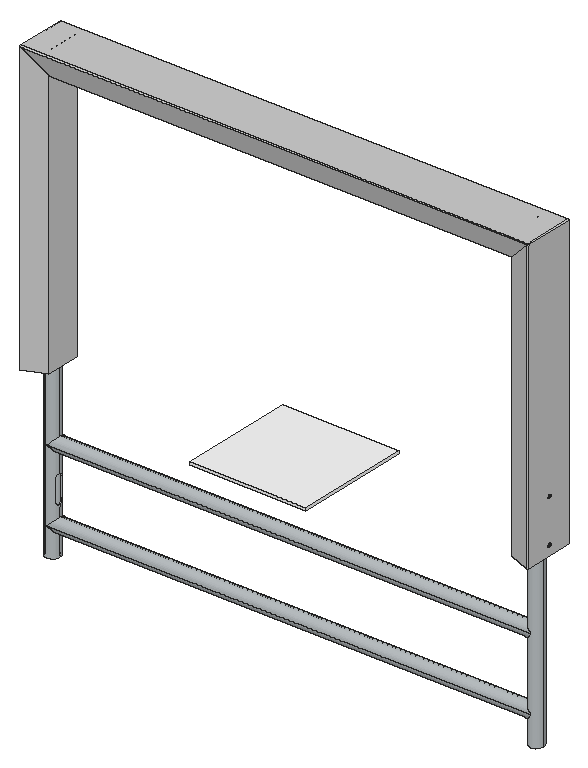
Revit family "BE_99061_de_DE", category Leuchten, Revit 2015
Parameters (values of type "BEGA_99061_Silber_K4")
  built-in parameter 1150104 = 14.673 (stored number, unit not read)
  Wattage = 50.4 W
  Default Elevation = 0 mm
  built-in parameter 1150113 = 1 (stored number, unit not read)
  built-in parameter 1114218 = 1 (stored number, unit not read)
  Umgebungstemperatur = "25 °C"
  URL = "http://www.bega.de/produkt/99061"
  Typenkommentare = "© 2016 BEGA. Wir behalten uns das Recht vor, technische Änderungen ohne vorherige Ankündigung vorzunehmen."  # constant formula
  Type Image = 99061.png
  built-in parameter 1150134 = 12
  built-in parameter 1150109 = 1 (stored number, unit not read)
  Strom = ""
  built-in parameter 1150110 = 1 (stored number, unit not read)
  Spannung = 239.996 V
  Sonderanfertigung = no
  Seriennummer [instance] = "Hier können Sie die eindeutige Seriennummer für das Facility Management eintragen."
  Schutzklasse = "I"
  Schutzart = "IP 65"
  Scheinlast = 0 VA
  Produktdatenblatt = "http://www.bega.de/download/Xrfa/db/99061.db.de.pdf"
  Oberflächentemperatur = ""
  Neigungswinkel = 0.00°
  Modell = "99061AK4"
  Material_18 = BEGA_Gummi_schwarz
  Material_17 = BEGA_Reflektor
  Material_15 = BEGA_Leuchtmedium_matt
  Material_11 = BEGA_Glas_opal
  Material_10 = BEGA_Glas_matt
  Material_09 = BEGA_Glas_klar
  Material_08 = BEGA_Oberfläche_Stahl_verzinkt
  Material_06 = BEGA_Oberfläche_Edelstahl_gebürstet
  Material_03 = BEGA_Oberfläche_Weiss_matt
  Material_02 = BEGA_Oberfläche_Silber_matt
  Material_01 [instance] = BEGA_Oberfläche_Grafit_matt
  M_W = no
  M_G = no
  M_A = yes
  Logo = 0
  built-in parameter 1114217 = 1 (stored number, unit not read)
  built-in parameter 1150139 = (empty or 0)
  built-in parameter 1150105 = 633.45 (stored number, unit not read)
  built-in parameter 1150114 = 1 (stored number, unit not read)
  Lumens = 7960.18 lm
  built-in parameter 1150115 = 1 (stored number, unit not read)
  Leuchtenlichtstrom = "3559 lm"
  Leuchtenanzahl = ""
  Lebensdauerkriterien = "L70 = 50.000 h"
  Lastklassifizierung = Beleuchtung
  built-in parameter 1150112 = 1 (stored number, unit not read)
  Lampenlichtstrom = "7960 lm"
  Lampe = "LED 50.4 W"
  LED_Modulbezeichnung = "4x LED-0462/840 "
  built-in parameter 1150142 = (empty or 0)
  Hersteller = "BEGA"  # constant formula
  Halbstreuwinkel = ""
  Gewicht = "48.0 kg"
  Gebrauchslageneinschränkung [instance] = ""
  Frequenz = "50-60 Hz"
  Farbwiedergabeindex = "Ra > 80"
  Farbtemperaturverschiebung bei Dämpfen der Lampe = <Keine Auswahl>
  Farbtemperatur = "4000 K"
  Color Filter = 16777215
  built-in parameter 1150133 = 10 (stored number, unit not read)
  Energieeffizienzklasse = "LED A++ - A"
  built-in parameter 1150137 = (empty or 0)
  built-in parameter 1150132 = (empty or 0)
  ENEC = ""
  Datei für fotometrisches Netz = "BE_99061K4.IES"
  CE_Konformität = "ja"
  Bestellnummer = "99061AK4"
  Beschreibung_Sonderanfertigung = "Hier können Sie Informationen zur Sonderanfertigung eintragen."
  Beschreibung = "Wegeleuchte"
  built-in parameter 1150106 = 6.3345 (stored number, unit not read)
  Befestigungsbohrung = ""
  Befestigungsabstand = ""
  Ballwurfsicher = ""
  BEGA_Intern_aus = yes
  BEGA_Intern_an = yes
  BEGA_Intern_Konstruktion = yes
  BEGA_Intern = yes
  BEGA_IES = yes
  BEGA_Dummy = no
  Anschlussleitung = ""
  Anschlussleistung [instance] = "59 W"
  Anschlusskasten = ""
  built-in parameter 1150107 = 4000 (stored number, unit not read)
  built-in parameter 1150102 = (empty or 0)
  built-in parameter 1150138 = (empty or 0)
  Aktualisierung = "2016-10-20T04:14:09"
  Abstand_zur_angestrahlten_Fläche [instance] = ""
  AC/DC = "AC"
Types (4, lengths in mm): name | built-in parameter 1150104 | built-in parameter 1150134 | Modell | M_G | M_A | built-in parameter 1150105 | Lumens | Leuchtenlichtstrom | Lampenlichtstrom | LED_Modulbezeichnung | Farbtemperatur | Datei für fotometrisches Netz | Bestellnummer | built-in parameter 1150106 | built-in parameter 1150107
  BEGA_99061_Silber_K4 | 14.673 (stored number, unit not read) | 12 | "99061AK4" | no | yes | 633.45 (stored number, unit not read) | 7960.18 lm | "3559 lm" | "7960 lm" | "4x LED-0462/840 " | "4000 K" | "BE_99061K4.IES" | "99061AK4" | 6.3345 (stored number, unit not read) | 4000 (stored number, unit not read)
  BEGA_99061_Grafit_K3 | 13.419 (stored number, unit not read) | (empty or 0) | "99061" | yes | no | 579.31 (stored number, unit not read) | 7279.78 lm | "3255 lm" | "7280 lm" | "4x LED-0462/830 " | "3000 K" | "BE_99061.IES" | "99061" | 5.7931 (stored number, unit not read) | 3000 (stored number, unit not read)
  BEGA_99061_Grafit_K4 | 14.673 (stored number, unit not read) | 12 | "99061K4" | yes | no | 633.45 (stored number, unit not read) | 7960.18 lm | "3559 lm" | "7960 lm" | "4x LED-0462/840 " | "4000 K" | "BE_99061K4.IES" | "99061K4" | 6.3345 (stored number, unit not read) | 4000 (stored number, unit not read)
  BEGA_99061_Silber_K3 | 13.419 (stored number, unit not read) | (empty or 0) | "99061A" | no | yes | 579.31 (stored number, unit not read) | 7279.78 lm | "3255 lm" | "7280 lm" | "4x LED-0462/830 " | "3000 K" | "BE_99061.IES" | "99061A" | 5.7931 (stored number, unit not read) | 3000 (stored number, unit not read)
Reference planes
  plane 1 "Mitte (Vorne/Hinten)": y = 0
  plane 2: z = 0
  plane 3 "Mitte (Links/Rechts)": x = 0
  plane 4 "Links": x = -877.141
  plane 5 "Rechts": x = 877.141
  plane 6 "Unten": y = -90
  plane 7 "Oben": y = 90
  plane 8 "Vorne": z = 1002.142
  plane 9 "Hinten": z = -594.874
Forms (mm)
  Extrusion 1, solid, material "BEGA_Platte_Weiss"
    sketch origin (0, -1119.2, 0) x (1, 0, 0) y (0, 1, 0)
      loop
        line (-200, 1319.2) -> (-200, 919.2) -> (200, 919.2) -> (200, 1319.2) -> (-200, 1319.2)
    from 0 to -10
  Extrusion 2, solid, material "BEGA_Dummy_matt", visible <- "BEGA_Dummy"
    sketch origin (80.095, -76.023, 0) x (1, 0, 0) y (0, 1, 0)
      loop
        line (-957.237, 166.023) -> (-957.237, -13.977) -> (797.046, -13.977) -> (797.046, 166.023) -> (-957.237, 166.023)
    from 0 to 1002.142
Dimensions and locks
  plane 1 "Mitte (Vorne/Hinten)" to Extrusion 1 = 200 mm
  aligned and locked: plane 2 to Extrusion 1
  aligned and locked: level to Extrusion 1
Nested families
  nested 1: "BE_99061" at (0, 0, 0), type "BE_99061"
Connectors
  electrical at (0, 0, 0), driven by "Lastklassifizierung", driven by "Spannung", driven by "Scheinlast"
    settings: index 1, voltage 239.996 V, apparent load 0 VA, apparent load phase1 0 VA, apparent load phase2 0 VA, apparent load phase3 0 VA, power factor 1, load classification "Beleuchtung", number of poles 1, system type 31, power factor state 1, is connector primary yes, connector utility no, sub classification motor no, connector description ""
Definition of nested family "BE_99061"
  Parameters (values of type "BE_99061")
    Default Elevation = 1 mm
    URL = "http://www.bega.de/de/produkt"
    Type Comments = "© 2015 BEGA. Wir behalten uns das Recht vor, technische Änderungen ohne vorherige Ankündigung vorzunehmen. "  # constant formula
    Type Image = (empty or 0)
    Material_18 = none
    Material_17 = none
    Material_15 = none
    Material_11 = none
    Material_10 = none
    Material_09 = none
    Material_08 = none
    Material_06 = none
    Material_03 = none
    Material_02 = none
    Material_01 = none
    M_W = yes
    M_G = yes
    M_A = yes
    Länge_Platte = 1900 mm  # constant formula
    Höhe_Platte = -10 mm  # constant formula
    Manufacturer = "BEGA"  # constant formula
    Breite_Platte = 300 mm  # constant formula
  Reference planes
    plane 1 "Mitte (Oben/Unten)": y = 0
    plane 2: z = 0
    plane 3 "Mitte (Links/Rechts)": x = 0
    plane 4: x = -877.141
    plane 5: z = -594.874
    plane 6: z = 1002.142
    plane 7: x = 877.141
    plane 8: y = -90
    plane 9: y = 90
  Forms (mm)
    Extrusion 1, solid, detail levels medium
      sketch origin (0, 0, 0) x (1, 0, 0) y (0, 1, 0)
        loop
          line (-950, 150) -> (-950, -150) -> (950, -150) -> (950, 150) -> (-950, 150)
      from 0 to -10 <- "Höhe_Platte"
    Extrusion 2, solid, material <- "Material_01", visible <- "M_G", detail levels medium+fine
      sketch origin (0, 0, 0) x (1, 0, 0) y (0, 1, 0)
        loop
          line (-877.141, -91.373) -> (-797.141, -60) -> (-797.141, 60) -> (-877.141, 91.373) -> (-877.141, -91.373)
        loop
          line (-862.923, 81.5) -> (-873.141, 81.5) -> (-873.141, -81.5) -> (-862.923, -81.5) -> (-801.141, -57.272) -> (-801.141, 57.272) -> (-862.923, 81.5)
        loop
          line (877.141, -91.373) -> (877.141, 91.373) -> (797.141, 60) -> (797.141, -60) -> (877.141, -91.373)
        loop
          line (862.923, 81.5) -> (801.141, 57.272) -> (801.141, -57.272) -> (862.923, -81.5) -> (873.141, -81.5) -> (873.141, 81.5) -> (862.923, 81.5)
      from 0 to 1002.142
    Extrusion 3, solid, material <- "Material_01", visible <- "M_G", detail levels medium+fine
      sketch origin (0, 0, -594.874) x (0, 1, 0) y (0, 0, 1)
        loop
          line (91.373, 1597.015) -> (-91.373, 1597.015) -> (-60, 1517.015) -> (60, 1517.015) -> (91.373, 1597.015)
        loop
          line (81.5, 1593.015) -> (-85.474, 1593.015) -> (-57.236, 1521.015) -> (57.258, 1521.015) -> (81.5, 1582.937) -> (81.5, 1593.015)
      from -877.141 to 877.141
    Extrusion 4, void
      sketch origin (0, 0, -594.874) x (1, 0, 0) y (0, 0, 1)
        loop
          line (877.141, 1597.015) -> (873, 1597.015) -> (877.141, 1592.874) -> (877.141, 1597.015)
        loop
          line (-877.141, 1597.015) -> (-877.141, 1592.874) -> (-873, 1597.015) -> (-877.141, 1597.015)
      from -108.412 to 107.721
    Extrusion 5, void
      sketch origin (0, 0, 0) x (1, 0, 0) y (0, 1, 0)
        loop
          line (-877.141, -86.5) -> (-877.141, -93.991) -> (-871.761, -91.881) -> (-877.141, -86.5)
        loop
          line (-877.141, 86.5) -> (-871.761, 91.881) -> (-877.141, 93.991) -> (-877.141, 86.5)
      from -16.353 to 1020.999
    Extrusion 6, void
      sketch origin (0, 0, 0) x (-1, 0, 0) y (0, -1, 0)
        loop
          line (-877.141, 86.5) -> (-871.761, 91.881) -> (-877.141, 93.991) -> (-877.141, 86.5)
        loop
          line (-877.141, -86.5) -> (-877.141, -93.991) -> (-871.761, -91.881) -> (-877.141, -86.5)
      from -16.353 to 1020.999
    Extrusion 7, void
      sketch origin (0, 0, -594.874) x (0, 1, 0) y (0, 0, 1)
        loop
          line (-86.5, 1597.015) -> (-91.373, 1597.015) -> (-91.373, 1592.143) -> (-86.5, 1597.015)
        loop
          line (86.5, 1597.015) -> (91.373, 1592.143) -> (91.373, 1597.015) -> (86.5, 1597.015)
      from -896.445 to 902.845
    Extrusion 8, solid, material <- "Material_08", detail levels medium+fine
      sketch origin (0, 0, 0) x (1, 0, 0) y (0, 1, 0)
        loop
          circle (835.5, 0) r 20.95
        loop
          circle (835.5, 0) r 24.15
        loop
          circle (-832.5, 0) r 20.95
        loop
          circle (-832.5, 0) r 24.15
      from -594.874 to 205.126
    Extrusion 9, void
      sketch origin (0, 0, 0) x (0, 1, 0) y (0, 0, 1)
        loop
          line (37, 462) -> (-37, 462)
          arc (-37, 462) -> (-39.828, 460.828) -> (-41, 458) r 4
          line (-41, 458) -> (-41, 254)
          arc (-41, 254) -> (-39.828, 251.172) -> (-37, 250) r 4
          line (-37, 250) -> (37, 250)
          arc (37, 250) -> (39.828, 251.172) -> (41, 254) r 4
          line (41, 254) -> (41, 458)
          arc (41, 458) -> (39.828, 460.828) -> (37, 462) r 4
      from -878.041 to -874.413
    Extrusion 10, solid, material <- "Material_01", visible <- "M_G", detail levels medium+fine
      sketch origin (0, -3302.472, 0) x (0, 1, 0) y (0, 0, 1)
        loop
          line (3339.494, 460.925) -> (3265.45, 460.925)
          arc (3265.45, 460.925) -> (3263.354, 460.033) -> (3262.49, 457.926) r 3
          line (3262.49, 457.926) -> (3262.49, 253.95)
          arc (3262.49, 253.95) -> (3263.372, 251.836) -> (3265.489, 250.961) r 3
          line (3265.489, 250.961) -> (3339.455, 250.961)
          arc (3339.455, 250.961) -> (3341.575, 251.84) -> (3342.454, 253.961) r 3
          line (3342.454, 253.961) -> (3342.454, 457.915)
          arc (3342.454, 457.915) -> (3341.593, 460.029) -> (3339.494, 460.925) r 3
      from -877.141 to -874.413
    Revolve 11, void
      sketch origin (-3360.287, 0, 0) x (-1, 0, 0) y (0, 0, 1)
        loop
          line (-2488.038, 361.518) -> (-2488.038, 355.943) -> (-2482.123, 355.943) -> (-2482.123, 361.518) -> (-2488.038, 361.518)
        axis (-2488.038, 355.943) -> (-2482.123, 355.943)
      angle from 0 to 360
    Revolve 12, solid, material <- "Material_06", detail levels fine
      sketch origin (1609.004, 0, 0) x (1, 0, 0) y (0, 0, 1)
        loop
          line (-2487.645, 360.943) -> (-2487.645, 355.943) -> (-2481.645, 355.943) -> (-2481.645, 360.943) -> (-2487.645, 360.943)
        axis (-2487.645, 355.943) -> (-2481.645, 355.943)
      angle from 0 to 360
    Revolve 13, solid, material <- "Material_06", detail levels fine
      sketch origin (0, 0, 0) x (1, 0, 0) y (0, 0, 1)
        loop
          line (-878.192, 190.45) -> (-878.192, 189) -> (-880.813, 189) -> (-881.563, 188.25) -> (-881.563, 185) -> (-876.779, 185) -> (-876.779, 190.45) -> (-878.192, 190.45)
        axis (-881.563, 185) -> (-876.779, 185)
      angle from 0 to 360
    Revolve 14, solid, material <- "Material_06", detail levels fine
      sketch origin (0, 0, -150) x (1, 0, 0) y (0, 0, 1)
        loop
          line (-878.192, 190.45) -> (-878.192, 189) -> (-880.813, 189) -> (-881.563, 188.25) -> (-881.563, 185) -> (-876.779, 185) -> (-876.779, 190.45) -> (-878.192, 190.45)
        axis (-881.563, 185) -> (-876.779, 185)
      angle from 0 to 360
    Revolve 15, solid, material <- "Material_06", detail levels fine
      sketch origin (0, 0, 0) x (-1, 0, 0) y (0, 0, 1)
        loop
          line (-878.192, 190.45) -> (-878.192, 189) -> (-880.813, 189) -> (-881.563, 188.25) -> (-881.563, 185) -> (-876.779, 185) -> (-876.779, 190.45) -> (-878.192, 190.45)
        axis (-881.563, 185) -> (-876.779, 185)
      angle from 0 to 360
    Revolve 16, solid, material <- "Material_06", detail levels fine
      sketch origin (0, 0, -150) x (-1, 0, 0) y (0, 0, 1)
        loop
          line (-878.192, 190.45) -> (-878.192, 189) -> (-880.813, 189) -> (-881.563, 188.25) -> (-881.563, 185) -> (-876.779, 185) -> (-876.779, 190.45) -> (-878.192, 190.45)
        axis (-881.563, 185) -> (-876.779, 185)
      angle from 0 to 360
    Extrusion 17, void
      sketch origin (0, 0, 0) x (0, 1, 0) y (0, 0, 1)
        loop
          line (-51.5, 926.74) -> (-51.5, 918.632) -> (51.5, 918.632) -> (51.5, 926.74) -> (-51.5, 926.74)
      from -755 to 755
    Sweep 18, solid, material <- "Material_01", visible <- "M_G", detail levels medium+fine
      path origin (0, 0, 0) x (1, 0, 0) y (0, 1, 0)
        loop
          line (-755, -51.5) -> (755, -51.5) -> (755, 51.5) -> (-755, 51.5) -> (-755, -51.5)
      profile origin (0, -51.5, 0) x (0, 1, 0) y (0, 0, 1)
        loop
          line (1.5, 922.142) -> (27, 922.142) -> (27, 926.142) -> (1.5, 926.142) -> (1.5, 922.142)
    Extrusion 19, solid, material <- "Material_10", detail levels medium+fine
      sketch origin (0, 0, 0) x (0, 1, 0) y (0, 0, 1)
        loop
          line (-32.25, 931.142) -> (-32.25, 927.142) -> (32.25, 927.142) -> (32.25, 931.142) -> (-32.25, 931.142)
      from -742.412 to 744.733
    Revolve 20, void
      sketch origin (0, 0, 0) x (0, 1, 0) y (0, 0, 1)
        loop
          line (-46.25, 922.142) -> (-41.25, 922.142) -> (-41.25, 924.97) -> (-45.684, 924.97) -> (-45.684, 922.708) -> (-46.25, 922.142)
        axis (-41.25, 924.97) -> (-41.25, 922.142)
      angle from 0 to 360
    Revolve 21, void
      sketch origin (0, 0, 0) x (0, -1, 0) y (0, 0, 1)
        loop
          line (-46.25, 922.142) -> (-41.25, 922.142) -> (-41.25, 924.97) -> (-45.684, 924.97) -> (-45.684, 922.708) -> (-46.25, 922.142)
        axis (-41.25, 924.97) -> (-41.25, 922.142)
      angle from 0 to 360
    Revolve 22, void
      sketch origin (-600, 0, 0) x (0, 1, 0) y (0, 0, 1)
        loop
          line (-46.25, 922.142) -> (-41.25, 922.142) -> (-41.25, 924.97) -> (-45.684, 924.97) -> (-45.684, 922.708) -> (-46.25, 922.142)
        axis (-41.25, 924.97) -> (-41.25, 922.142)
      angle from 0 to 360
    Revolve 23, void
      sketch origin (-600, 0, 0) x (0, -1, 0) y (0, 0, 1)
        loop
          line (-46.25, 922.142) -> (-41.25, 922.142) -> (-41.25, 924.97) -> (-45.684, 924.97) -> (-45.684, 922.708) -> (-46.25, 922.142)
        axis (-41.25, 924.97) -> (-41.25, 922.142)
      angle from 0 to 360
    Revolve 24, void
      sketch origin (600, 0, 0) x (0, 1, 0) y (0, 0, -1)
        loop
          line (-46.25, -922.142) -> (-45.684, -922.708) -> (-45.684, -924.97) -> (-41.25, -924.97) -> (-41.25, -922.142) -> (-46.25, -922.142)
        axis (-41.25, -924.97) -> (-41.25, -922.142)
      angle from 0 to 360
    Revolve 25, void
      sketch origin (600, 0, 0) x (0, -1, 0) y (0, 0, 1)
        loop
          line (-46.25, 922.142) -> (-41.25, 922.142) -> (-41.25, 924.97) -> (-45.684, 924.97) -> (-45.684, 922.708) -> (-46.25, 922.142)
        axis (-41.25, 924.97) -> (-41.25, 922.142)
      angle from 0 to 360
    Revolve 26, solid, material <- "Material_06", detail levels fine
      sketch origin (0, 0, 0) x (0, 1, 0) y (0, 0, 1)
        loop
          line (-45.512, 924.97) -> (-45.512, 920.441) -> (-41.25, 920.441) -> (-41.25, 924.97) -> (-45.512, 924.97)
        axis (-41.25, 924.97) -> (-41.25, 920.441)
      angle from 0 to 360
    Revolve 27, solid, material <- "Material_06", detail levels fine
      sketch origin (0, 0, 0) x (0, -1, 0) y (0, 0, 1)
        loop
          line (-45.512, 924.97) -> (-45.512, 920.441) -> (-41.25, 920.441) -> (-41.25, 924.97) -> (-45.512, 924.97)
        axis (-41.25, 924.97) -> (-41.25, 920.441)
      angle from 0 to 360
    Revolve 28, solid, material <- "Material_06", detail levels fine
      sketch origin (-600, 0, 0) x (0, 1, 0) y (0, 0, 1)
        loop
          line (-45.512, 924.97) -> (-45.512, 920.441) -> (-41.25, 920.441) -> (-41.25, 924.97) -> (-45.512, 924.97)
        axis (-41.25, 924.97) -> (-41.25, 920.441)
      angle from 0 to 360
    Revolve 29, solid, material <- "Material_06", detail levels fine
      sketch origin (-600, 0, 0) x (0, -1, 0) y (0, 0, 1)
        loop
          line (-45.512, 924.97) -> (-45.512, 920.441) -> (-41.25, 920.441) -> (-41.25, 924.97) -> (-45.512, 924.97)
        axis (-41.25, 924.97) -> (-41.25, 920.441)
      angle from 0 to 360
    Revolve 30, solid, material <- "Material_06", detail levels fine
      sketch origin (600, 0, 0) x (0, 1, 0) y (0, 0, -1)
        loop
          line (-45.512, -924.97) -> (-41.25, -924.97) -> (-41.25, -920.441) -> (-45.512, -920.441) -> (-45.512, -924.97)
        axis (-41.25, -924.97) -> (-41.25, -920.441)
      angle from 0 to 360
    Revolve 31, solid, material <- "Material_06", detail levels fine
      sketch origin (600, 0, 0) x (0, -1, 0) y (0, 0, 1)
        loop
          line (-45.512, 924.97) -> (-45.512, 920.441) -> (-41.25, 920.441) -> (-41.25, 924.97) -> (-45.512, 924.97)
        axis (-41.25, 924.97) -> (-41.25, 920.441)
      angle from 0 to 360
    Extrusion 32, void
      sketch origin (0, 0, 0) x (0, 1, 0) y (0, 0, 1)
        loop
          arc (15, -349.874) -> (0, -334.874) -> (-15, -349.874) r 15
          line (-15, -349.874) -> (-15, -419.874)
          arc (-15, -419.874) -> (0, -434.874) -> (15, -419.874) r 15
          line (15, -419.874) -> (15, -349.874)
        loop
          circle (0, -584.874) r 5
      from -832.962 to -806.308
    Extrusion 33, void
      sketch origin (0, 0, 0) x (0, 1, 0) y (0, 0, -1)
        loop
          line (15, 349.874) -> (15, 419.874)
          arc (15, 419.874) -> (0, 434.874) -> (-15, 419.874) r 15
          line (-15, 419.874) -> (-15, 349.874)
          arc (-15, 349.874) -> (0, 334.874) -> (15, 349.874) r 15
        loop
          circle (0, 584.874) r 5
      from -829.89 to -806.308
    Extrusion 34, solid, material <- "Material_08", detail levels medium+fine
      sketch origin (0, 0, 0) x (0, 1, 0) y (0, 0, 1)
        loop
          circle (0, -244.874) r 20.95
        loop
          circle (0, -244.874) r 24.15
        loop
          circle (0, -494.874) r 20.95
        loop
          circle (0, -494.874) r 24.15
      from -832.5 to 835.5
    Extrusion 35, solid, material <- "Material_02", visible <- "M_A", detail levels medium+fine
      sketch origin (0, 0, 0) x (1, 0, 0) y (0, 1, 0)
        loop
          line (-877.141, -91.373) -> (-797.141, -60) -> (-797.141, 60) -> (-877.141, 91.373) -> (-877.141, -91.373)
        loop
          line (-862.923, 81.5) -> (-873.141, 81.5) -> (-873.141, -81.5) -> (-862.923, -81.5) -> (-801.141, -57.272) -> (-801.141, 57.272) -> (-862.923, 81.5)
        loop
          line (877.141, -91.373) -> (877.141, 91.373) -> (797.141, 60) -> (797.141, -60) -> (877.141, -91.373)
        loop
          line (862.923, 81.5) -> (801.141, 57.272) -> (801.141, -57.272) -> (862.923, -81.5) -> (873.141, -81.5) -> (873.141, 81.5) -> (862.923, 81.5)
      from 0 to 1002.142
    Extrusion 36, solid, material <- "Material_02", visible <- "M_A", detail levels medium+fine
      sketch origin (0, 0, -594.874) x (0, 1, 0) y (0, 0, 1)
        loop
          line (91.373, 1597.015) -> (-91.373, 1597.015) -> (-60, 1517.015) -> (60, 1517.015) -> (91.373, 1597.015)
        loop
          line (81.5, 1593.015) -> (-85.474, 1593.015) -> (-57.236, 1521.015) -> (57.258, 1521.015) -> (81.5, 1582.937) -> (81.5, 1593.015)
      from -877.141 to 877.141
    Extrusion 37, solid, material <- "Material_02", visible <- "M_A", detail levels medium+fine
      sketch origin (0, -3302.472, 0) x (0, 1, 0) y (0, 0, 1)
        loop
          line (3339.494, 460.925) -> (3265.45, 460.925)
          arc (3265.45, 460.925) -> (3263.354, 460.033) -> (3262.49, 457.926) r 3
          line (3262.49, 457.926) -> (3262.49, 253.95)
          arc (3262.49, 253.95) -> (3263.372, 251.836) -> (3265.489, 250.961) r 3
          line (3265.489, 250.961) -> (3339.455, 250.961)
          arc (3339.455, 250.961) -> (3341.575, 251.84) -> (3342.454, 253.961) r 3
          line (3342.454, 253.961) -> (3342.454, 457.915)
          arc (3342.454, 457.915) -> (3341.593, 460.029) -> (3339.494, 460.925) r 3
      from -877.141 to -874.413
    Sweep 38, solid, material <- "Material_02", visible <- "M_A", detail levels medium+fine
      path origin (0, 0, 0) x (1, 0, 0) y (0, 1, 0)
        loop
          line (-755, -51.5) -> (755, -51.5) -> (755, 51.5) -> (-755, 51.5) -> (-755, -51.5)
      profile origin (0, -51.5, 0) x (0, 1, 0) y (0, 0, 1)
        loop
          line (1.5, 922.142) -> (27, 922.142) -> (27, 926.142) -> (1.5, 926.142) -> (1.5, 922.142)
  Cuts and joins
    Extrusion 4, Extrusion 5, Extrusion 6, Extrusion 7, Extrusion 9, Extrusion 17 cuts Extrusion 2
    Extrusion 4, Extrusion 5, Extrusion 6, Extrusion 7, Extrusion 17 cuts Extrusion 3
    joined: Extrusion 2, Extrusion 3
    Revolve 11 cuts Extrusion 10
    Revolve 20, Revolve 21, Revolve 22, Revolve 23, Revolve 24, Revolve 25 cuts Sweep 18
    Extrusion 32, Extrusion 33 cuts Extrusion 8
    joined: Extrusion 8, Extrusion 34
    Extrusion 4, Extrusion 5, Extrusion 6, Extrusion 7, Extrusion 9 cuts Extrusion 35
    Extrusion 4, Extrusion 5, Extrusion 6, Extrusion 7, Extrusion 17 cuts Extrusion 36
    joined: Extrusion 35, Extrusion 36
    Revolve 11 cuts Extrusion 37
    Revolve 20, Revolve 21, Revolve 22, Revolve 23, Revolve 24, Revolve 25 cuts Sweep 38
  Dimensions and locks
    equal spacing: Extrusion 1 sketch curve, plane 3 "Mitte (Links/Rechts)", Extrusion 1 sketch curve
    equal spacing: Extrusion 1 sketch curve, plane 1 "Mitte (Oben/Unten)", Extrusion 1 sketch curve
    "Länge_Platte": Extrusion 1 sketch curve to Extrusion 1 sketch curve
    "Breite_Platte": Extrusion 1 sketch curve to Extrusion 1 sketch curve
    aligned and locked: Extrusion 1 to plane 2
    aligned and locked: level to Extrusion 1
  Automatic sketch dimensions
    Extrusion 2 sketch curve to plane 1 "Mitte (Oben/Unten)" = 91.373 mm  (x2)
    Extrusion 2 sketch curve to plane 3 "Mitte (Links/Rechts)" = 877.141 mm
    Extrusion 2 sketch curve to Extrusion 2 sketch curve = 4 mm  (x4)
    Extrusion 2 sketch curve to Extrusion 2 sketch curve = 10.219 mm  (x3)
    Extrusion 2 sketch curve to Extrusion 2 sketch curve = 61.781 mm  (x3)
    plane 1 "Mitte (Oben/Unten)" to Extrusion 2 sketch curve = 60 mm  (x2)
    plane 3 "Mitte (Links/Rechts)" to Extrusion 2 sketch curve = 797.141 mm
    plane 1 "Mitte (Oben/Unten)" to Extrusion 2 sketch curve = 57.272 mm
    Extrusion 2 sketch curve to plane 1 "Mitte (Oben/Unten)" = 81.5 mm
    plane 1 "Mitte (Oben/Unten)" to Extrusion 2 sketch curve = 81.5 mm
    plane 1 "Mitte (Oben/Unten)" to Extrusion 2 sketch curve = 91.373 mm
    Extrusion 2 sketch curve to Extrusion 2 sketch curve = 9.873 mm  (x3)
    Extrusion 2 sketch curve to Extrusion 2 sketch curve = 2.728 mm  (x3)
    Extrusion 2 sketch curve to plane 1 "Mitte (Oben/Unten)" = 57.272 mm  (x2)
    plane 1 "Mitte (Oben/Unten)" to Extrusion 3 sketch curve = 91.373 mm
    Extrusion 3 sketch curve to Extrusion 3 sketch curve = 5.899 mm
    plane 1 "Mitte (Oben/Unten)" to Extrusion 3 sketch curve = 60 mm
    Extrusion 3 sketch curve to Extrusion 3 sketch curve = 2.764 mm
    Extrusion 3 sketch curve to plane 1 "Mitte (Oben/Unten)" = 57.258 mm
    Extrusion 3 sketch curve to Extrusion 3 sketch curve = 2.742 mm
    Extrusion 3 sketch curve to Extrusion 3 sketch curve = 24.242 mm
    Extrusion 3 sketch curve to Extrusion 3 sketch curve = 9.873 mm
    level to Extrusion 3 sketch curve = 922.142 mm
    Extrusion 3 sketch curve to Extrusion 3 sketch curve = 4 mm  (x2)
    Extrusion 3 sketch curve to Extrusion 3 sketch curve = 61.922 mm
    Extrusion 3 sketch curve to Extrusion 3 sketch curve = 10.078 mm
    Extrusion 4 sketch curve to plane 3 "Mitte (Links/Rechts)" = 877.141 mm
    Extrusion 4 sketch curve to Extrusion 4 sketch curve = 4.142 mm  (x4)
    plane 3 "Mitte (Links/Rechts)" to Extrusion 4 sketch curve = 873 mm
    level to Extrusion 4 sketch curve = 998 mm  (x2)
    plane 1 "Mitte (Oben/Unten)" to Extrusion 5 sketch curve = 86.5 mm
    Extrusion 5 sketch curve to plane 3 "Mitte (Links/Rechts)" = 877.141 mm
    Extrusion 5 sketch curve to plane 1 "Mitte (Oben/Unten)" = 93.991 mm
    Extrusion 5 sketch curve to Extrusion 5 sketch curve = 0 mm
    plane 1 "Mitte (Oben/Unten)" to Extrusion 5 sketch curve = 91.881 mm
    Extrusion 5 sketch curve to Extrusion 5 sketch curve = 5.381 mm  (x2)
    Extrusion 5 sketch curve to plane 1 "Mitte (Oben/Unten)" = 91.881 mm
    Extrusion 5 sketch curve to Extrusion 5 sketch curve = 2.11 mm
    Extrusion 5 sketch curve to Extrusion 5 sketch curve = 7.491 mm
    Extrusion 6 sketch curve to plane 1 "Mitte (Oben/Unten)" = 86.5 mm
    Extrusion 6 sketch curve to plane 3 "Mitte (Links/Rechts)" = 877.141 mm
    plane 1 "Mitte (Oben/Unten)" to Extrusion 6 sketch curve = 93.991 mm
    Extrusion 6 sketch curve to Extrusion 6 sketch curve = 0 mm
    Extrusion 6 sketch curve to plane 1 "Mitte (Oben/Unten)" = 91.881 mm
    Extrusion 6 sketch curve to Extrusion 6 sketch curve = 5.381 mm  (x2)
    plane 1 "Mitte (Oben/Unten)" to Extrusion 6 sketch curve = 91.881 mm
    Extrusion 6 sketch curve to Extrusion 6 sketch curve = 2.11 mm
    Extrusion 6 sketch curve to Extrusion 6 sketch curve = 7.491 mm
    plane 1 "Mitte (Oben/Unten)" to Extrusion 7 sketch curve = 91.373 mm
    Extrusion 7 sketch curve to Extrusion 7 sketch curve = 4.873 mm  (x2)
    Extrusion 7 sketch curve to plane 1 "Mitte (Oben/Unten)" = 86.5 mm
    level to Extrusion 7 sketch curve = 997.269 mm
    Extrusion 7 sketch curve to Extrusion 7 sketch curve = 0 mm
    Extrusion 7 sketch curve to Extrusion 7 sketch curve = 4.872 mm  (x2)
    Extrusion 8 sketch curve to Extrusion 8 sketch curve = 0 mm  (x4)
    Extrusion 8 sketch curve to plane 1 "Mitte (Oben/Unten)" = 0 mm
    plane 1 "Mitte (Oben/Unten)" to Extrusion 8 sketch curve = 0 mm
    Extrusion 8 sketch curve to plane 3 "Mitte (Links/Rechts)" = 832.5 mm
    plane 3 "Mitte (Links/Rechts)" to Extrusion 8 sketch curve = 835.5 mm
    plane 1 "Mitte (Oben/Unten)" to Extrusion 9 sketch curve = 41 mm
    Extrusion 9 sketch curve to Extrusion 9 sketch curve = 4 mm  (x3)
    Extrusion 9 sketch curve to plane 1 "Mitte (Oben/Unten)" = 37 mm  (x2)
    level to Extrusion 9 sketch curve = 250 mm
    Extrusion 9 sketch curve to Extrusion 9 sketch curve = 204 mm
    plane 1 "Mitte (Oben/Unten)" to Extrusion 10 sketch curve = 39.982 mm
    plane 1 "Mitte (Oben/Unten)" to Extrusion 10 sketch curve = 37.022 mm
    Extrusion 10 sketch curve to Extrusion 10 sketch curve = 3 mm  (x6)
    Extrusion 10 sketch curve to Extrusion 10 sketch curve = 0.04 mm  (x2)
    Extrusion 10 sketch curve to plane 1 "Mitte (Oben/Unten)" = 36.982 mm  (x2)
    level to Extrusion 10 sketch curve = 253.95 mm
    Extrusion 10 sketch curve to Extrusion 10 sketch curve = 0.011 mm  (x2)
    Extrusion 10 sketch curve to Extrusion 10 sketch curve = 203.954 mm
    Extrusion 10 sketch curve to Extrusion 10 sketch curve = 0.01 mm
    Extrusion 10 sketch curve to Extrusion 10 sketch curve = 0.018 mm  (x4)
    Extrusion 10 sketch curve to Extrusion 10 sketch curve = 0 mm  (x5)
    Revolve 11 sketch curve to level = 361.518 mm
    plane 3 "Mitte (Links/Rechts)" to Revolve 11 sketch curve = 872.249 mm
    Revolve 11 sketch curve to Revolve 11 sketch curve = 5.915 mm
    Revolve 11 sketch curve to Revolve 11 sketch curve = 5.575 mm
    Revolve 11 sketch curve to Revolve 11 sketch curve = 0 mm  (x3)
    level to Revolve 12 sketch curve = 360.943 mm
    Revolve 12 sketch curve to plane 3 "Mitte (Links/Rechts)" = 878.641 mm
    Revolve 12 sketch curve to Revolve 12 sketch curve = 6 mm
    Revolve 12 sketch curve to Revolve 12 sketch curve = 5 mm
    Revolve 12 sketch curve to Revolve 12 sketch curve = 0 mm  (x3)
    level to Revolve 13 sketch curve = 188.25 mm
    Revolve 13 sketch curve to plane 3 "Mitte (Links/Rechts)" = 881.563 mm
    level to Revolve 13 sketch curve = 189 mm
    Revolve 13 sketch curve to Revolve 13 sketch curve = 0.75 mm
    Revolve 13 sketch curve to Revolve 13 sketch curve = 2.62 mm
    Revolve 13 sketch curve to Revolve 13 sketch curve = 1.414 mm
    Revolve 13 sketch curve to Revolve 13 sketch curve = 3.25 mm
    Revolve 13 sketch curve to Revolve 13 sketch curve = 1.45 mm
    Revolve 13 sketch curve to Revolve 13 sketch curve = 0 mm  (x3)
    level to Revolve 14 sketch curve = 38.25 mm
    Revolve 14 sketch curve to plane 3 "Mitte (Links/Rechts)" = 881.563 mm
    level to Revolve 14 sketch curve = 39 mm
    Revolve 14 sketch curve to Revolve 14 sketch curve = 0.75 mm
    Revolve 14 sketch curve to Revolve 14 sketch curve = 2.62 mm
    Revolve 14 sketch curve to Revolve 14 sketch curve = 1.414 mm
    Revolve 14 sketch curve to Revolve 14 sketch curve = 3.25 mm
    Revolve 14 sketch curve to Revolve 14 sketch curve = 1.45 mm
    Revolve 14 sketch curve to Revolve 14 sketch curve = 0 mm  (x3)
    Revolve 15 sketch curve to level = 188.25 mm
    Revolve 15 sketch curve to plane 3 "Mitte (Links/Rechts)" = 881.563 mm
    Revolve 15 sketch curve to level = 189 mm
    Revolve 15 sketch curve to Revolve 15 sketch curve = 0.75 mm
    Revolve 15 sketch curve to Revolve 15 sketch curve = 2.62 mm
    Revolve 15 sketch curve to Revolve 15 sketch curve = 1.414 mm
    Revolve 15 sketch curve to Revolve 15 sketch curve = 3.25 mm
    Revolve 15 sketch curve to Revolve 15 sketch curve = 1.45 mm
    Revolve 15 sketch curve to Revolve 15 sketch curve = 0 mm  (x3)
    Revolve 16 sketch curve to level = 38.25 mm
    Revolve 16 sketch curve to plane 3 "Mitte (Links/Rechts)" = 881.563 mm
    Revolve 16 sketch curve to level = 39 mm
    Revolve 16 sketch curve to Revolve 16 sketch curve = 0.75 mm
    Revolve 16 sketch curve to Revolve 16 sketch curve = 2.62 mm
    Revolve 16 sketch curve to Revolve 16 sketch curve = 1.414 mm
    Revolve 16 sketch curve to Revolve 16 sketch curve = 3.25 mm
    Revolve 16 sketch curve to Revolve 16 sketch curve = 1.45 mm
    Revolve 16 sketch curve to Revolve 16 sketch curve = 0 mm  (x3)
    plane 1 "Mitte (Oben/Unten)" to Extrusion 17 sketch curve = 51.5 mm
    Extrusion 17 sketch curve to plane 1 "Mitte (Oben/Unten)" = 51.5 mm
    level to Extrusion 17 sketch curve = 918.632 mm
    Extrusion 17 sketch curve to Extrusion 17 sketch curve = 8.108 mm
    Sweep 18 sketch curve to plane 1 "Mitte (Oben/Unten)" = 51.5 mm
    Sweep 18 sketch curve to plane 3 "Mitte (Links/Rechts)" = 755 mm
    plane 3 "Mitte (Links/Rechts)" to Sweep 18 sketch curve = 755 mm
    plane 1 "Mitte (Oben/Unten)" to Sweep 18 sketch curve = 51.5 mm
    Sweep 18 sketch curve to profile plane = 1.5 mm
    Sweep 18 sketch curve to Sweep 18 sketch curve = 25.5 mm
    level to Sweep 18 sketch curve = 922.142 mm
    Sweep 18 sketch curve to Sweep 18 sketch curve = 4 mm
    plane 1 "Mitte (Oben/Unten)" to Extrusion 19 sketch curve = 32.25 mm
    Extrusion 19 sketch curve to plane 1 "Mitte (Oben/Unten)" = 32.25 mm
    level to Extrusion 19 sketch curve = 927.142 mm
    Extrusion 19 sketch curve to Extrusion 19 sketch curve = 4 mm
    plane 1 "Mitte (Oben/Unten)" to Revolve 20 sketch curve = 46.25 mm
    Revolve 20 sketch curve to Revolve 20 sketch curve = 0.566 mm  (x2)
    Revolve 20 sketch curve to Revolve 20 sketch curve = 4.434 mm
    level to Revolve 20 sketch curve = 922.142 mm
    Revolve 20 sketch curve to Revolve 20 sketch curve = 2.263 mm
    Revolve 20 sketch curve to Revolve 20 sketch curve = 0 mm  (x3)
    plane 1 "Mitte (Oben/Unten)" to Revolve 21 sketch curve = 46.25 mm
    Revolve 21 sketch curve to Revolve 21 sketch curve = 0.566 mm  (x2)
    Revolve 21 sketch curve to Revolve 21 sketch curve = 4.434 mm
    Revolve 21 sketch curve to level = 922.142 mm
    Revolve 21 sketch curve to Revolve 21 sketch curve = 2.263 mm
    Revolve 21 sketch curve to Revolve 21 sketch curve = 0 mm  (x3)
    plane 1 "Mitte (Oben/Unten)" to Revolve 22 sketch curve = 46.25 mm
    Revolve 22 sketch curve to Revolve 22 sketch curve = 0.566 mm  (x2)
    Revolve 22 sketch curve to Revolve 22 sketch curve = 4.434 mm
    level to Revolve 22 sketch curve = 922.142 mm
    Revolve 22 sketch curve to Revolve 22 sketch curve = 2.263 mm
    Revolve 22 sketch curve to Revolve 22 sketch curve = 0 mm  (x3)
    plane 1 "Mitte (Oben/Unten)" to Revolve 23 sketch curve = 46.25 mm
    Revolve 23 sketch curve to Revolve 23 sketch curve = 0.566 mm  (x2)
    Revolve 23 sketch curve to Revolve 23 sketch curve = 4.434 mm
    Revolve 23 sketch curve to level = 922.142 mm
    Revolve 23 sketch curve to Revolve 23 sketch curve = 2.263 mm
    Revolve 23 sketch curve to Revolve 23 sketch curve = 0 mm  (x3)
    plane 1 "Mitte (Oben/Unten)" to Revolve 24 sketch curve = 46.25 mm
    Revolve 24 sketch curve to Revolve 24 sketch curve = 0.566 mm
    Revolve 24 sketch curve to Revolve 24 sketch curve = 4.434 mm
    level to Revolve 24 sketch curve = 924.97 mm
    Revolve 24 sketch curve to Revolve 24 sketch curve = 2.263 mm
    Revolve 24 sketch curve to Revolve 24 sketch curve = 2.829 mm
    Revolve 24 sketch curve to Revolve 24 sketch curve = 0 mm  (x3)
    Revolve 25 sketch curve to plane 1 "Mitte (Oben/Unten)" = 46.25 mm
    Revolve 25 sketch curve to Revolve 25 sketch curve = 0.566 mm  (x2)
    Revolve 25 sketch curve to Revolve 25 sketch curve = 4.434 mm
    level to Revolve 25 sketch curve = 922.142 mm
    Revolve 25 sketch curve to Revolve 25 sketch curve = 2.263 mm
    Revolve 25 sketch curve to Revolve 25 sketch curve = 0 mm  (x3)
    plane 1 "Mitte (Oben/Unten)" to Revolve 26 sketch curve = 45.512 mm
    Revolve 26 sketch curve to Revolve 26 sketch curve = 4.262 mm
    level to Revolve 26 sketch curve = 920.441 mm
    Revolve 26 sketch curve to Revolve 26 sketch curve = 4.529 mm
    Revolve 26 sketch curve to Revolve 26 sketch curve = 0 mm  (x3)
    plane 1 "Mitte (Oben/Unten)" to Revolve 27 sketch curve = 45.512 mm
    Revolve 27 sketch curve to Revolve 27 sketch curve = 4.262 mm
    Revolve 27 sketch curve to level = 920.441 mm
    Revolve 27 sketch curve to Revolve 27 sketch curve = 4.529 mm
    Revolve 27 sketch curve to Revolve 27 sketch curve = 0 mm  (x3)
    plane 1 "Mitte (Oben/Unten)" to Revolve 28 sketch curve = 45.512 mm
    Revolve 28 sketch curve to Revolve 28 sketch curve = 4.262 mm
    level to Revolve 28 sketch curve = 920.441 mm
    Revolve 28 sketch curve to Revolve 28 sketch curve = 4.529 mm
    Revolve 28 sketch curve to Revolve 28 sketch curve = 0 mm  (x3)
    plane 1 "Mitte (Oben/Unten)" to Revolve 29 sketch curve = 45.512 mm
    Revolve 29 sketch curve to Revolve 29 sketch curve = 4.262 mm
    Revolve 29 sketch curve to level = 920.441 mm
    Revolve 29 sketch curve to Revolve 29 sketch curve = 4.529 mm
    Revolve 29 sketch curve to Revolve 29 sketch curve = 0 mm  (x3)
    plane 1 "Mitte (Oben/Unten)" to Revolve 30 sketch curve = 45.512 mm
    Revolve 30 sketch curve to Revolve 30 sketch curve = 4.262 mm
    level to Revolve 30 sketch curve = 924.97 mm
    Revolve 30 sketch curve to Revolve 30 sketch curve = 4.529 mm
    Revolve 30 sketch curve to Revolve 30 sketch curve = 0 mm  (x3)
    Revolve 31 sketch curve to plane 1 "Mitte (Oben/Unten)" = 45.512 mm
    Revolve 31 sketch curve to Revolve 31 sketch curve = 4.262 mm
    level to Revolve 31 sketch curve = 920.441 mm
    Revolve 31 sketch curve to Revolve 31 sketch curve = 4.529 mm
    Revolve 31 sketch curve to Revolve 31 sketch curve = 0 mm  (x3)
    Extrusion 32 sketch curve to plane 1 "Mitte (Oben/Unten)" = 0 mm  (x2)
    plane 1 "Mitte (Oben/Unten)" to Extrusion 32 sketch curve = 15 mm
    Extrusion 32 sketch curve to level = 584.874 mm
    Extrusion 32 sketch curve to Extrusion 32 sketch curve = 165 mm
    Extrusion 32 sketch curve to Extrusion 32 sketch curve = 70 mm
    Extrusion 33 sketch curve to plane 1 "Mitte (Oben/Unten)" = 0 mm  (x2)
    plane 1 "Mitte (Oben/Unten)" to Extrusion 33 sketch curve = 15 mm
    Extrusion 33 sketch curve to level = 349.874 mm
    Extrusion 33 sketch curve to Extrusion 33 sketch curve = 70 mm
    Extrusion 33 sketch curve to Extrusion 33 sketch curve = 165 mm
    Extrusion 35 sketch curve to plane 1 "Mitte (Oben/Unten)" = 91.373 mm  (x2)
    Extrusion 35 sketch curve to plane 3 "Mitte (Links/Rechts)" = 877.141 mm
    Extrusion 35 sketch curve to Extrusion 35 sketch curve = 4 mm  (x4)
    Extrusion 35 sketch curve to Extrusion 35 sketch curve = 10.219 mm  (x3)
    Extrusion 35 sketch curve to Extrusion 35 sketch curve = 61.781 mm  (x3)
    plane 1 "Mitte (Oben/Unten)" to Extrusion 35 sketch curve = 60 mm  (x2)
    plane 3 "Mitte (Links/Rechts)" to Extrusion 35 sketch curve = 797.141 mm
    plane 1 "Mitte (Oben/Unten)" to Extrusion 35 sketch curve = 57.272 mm
    Extrusion 35 sketch curve to plane 1 "Mitte (Oben/Unten)" = 81.5 mm
    plane 1 "Mitte (Oben/Unten)" to Extrusion 35 sketch curve = 81.5 mm
    plane 1 "Mitte (Oben/Unten)" to Extrusion 35 sketch curve = 91.373 mm
    Extrusion 35 sketch curve to Extrusion 35 sketch curve = 9.873 mm  (x3)
    Extrusion 35 sketch curve to Extrusion 35 sketch curve = 2.728 mm  (x3)
    Extrusion 35 sketch curve to plane 1 "Mitte (Oben/Unten)" = 57.272 mm  (x2)
    plane 1 "Mitte (Oben/Unten)" to Extrusion 36 sketch curve = 91.373 mm
    Extrusion 36 sketch curve to Extrusion 36 sketch curve = 5.899 mm
    plane 1 "Mitte (Oben/Unten)" to Extrusion 36 sketch curve = 60 mm
    Extrusion 36 sketch curve to Extrusion 36 sketch curve = 2.764 mm
    Extrusion 36 sketch curve to plane 1 "Mitte (Oben/Unten)" = 57.258 mm
    Extrusion 36 sketch curve to Extrusion 36 sketch curve = 2.742 mm
    Extrusion 36 sketch curve to Extrusion 36 sketch curve = 24.242 mm
    Extrusion 36 sketch curve to Extrusion 36 sketch curve = 9.873 mm
    level to Extrusion 36 sketch curve = 922.142 mm
    Extrusion 36 sketch curve to Extrusion 36 sketch curve = 4 mm  (x2)
    Extrusion 36 sketch curve to Extrusion 36 sketch curve = 61.922 mm
    Extrusion 36 sketch curve to Extrusion 36 sketch curve = 10.078 mm
    plane 1 "Mitte (Oben/Unten)" to Extrusion 37 sketch curve = 39.982 mm
    plane 1 "Mitte (Oben/Unten)" to Extrusion 37 sketch curve = 37.022 mm
    Extrusion 37 sketch curve to Extrusion 37 sketch curve = 3 mm  (x6)
    Extrusion 37 sketch curve to Extrusion 37 sketch curve = 0.04 mm  (x2)
    Extrusion 37 sketch curve to plane 1 "Mitte (Oben/Unten)" = 36.982 mm  (x2)
    level to Extrusion 37 sketch curve = 253.95 mm
    Extrusion 37 sketch curve to Extrusion 37 sketch curve = 0.011 mm  (x2)
    Extrusion 37 sketch curve to Extrusion 37 sketch curve = 203.954 mm
    Extrusion 37 sketch curve to Extrusion 37 sketch curve = 0.01 mm
    Extrusion 37 sketch curve to Extrusion 37 sketch curve = 0.018 mm  (x4)
    Extrusion 37 sketch curve to Extrusion 37 sketch curve = 0 mm  (x5)
    Sweep 38 sketch curve to plane 1 "Mitte (Oben/Unten)" = 51.5 mm
    Sweep 38 sketch curve to plane 3 "Mitte (Links/Rechts)" = 755 mm
    plane 3 "Mitte (Links/Rechts)" to Sweep 38 sketch curve = 755 mm
    plane 1 "Mitte (Oben/Unten)" to Sweep 38 sketch curve = 51.5 mm
    Sweep 38 sketch curve to profile plane = 1.5 mm
    Sweep 38 sketch curve to Sweep 38 sketch curve = 25.5 mm
    level to Sweep 38 sketch curve = 922.142 mm
    Sweep 38 sketch curve to Sweep 38 sketch curve = 4 mm
    radius of Extrusion 8 sketch curve = 20.95 mm  (x2)
    radius of Extrusion 8 sketch curve = 24.15 mm  (x2)
    radius of Extrusion 32 sketch curve = 5 mm
    radius of Extrusion 33 sketch curve = 5 mm
